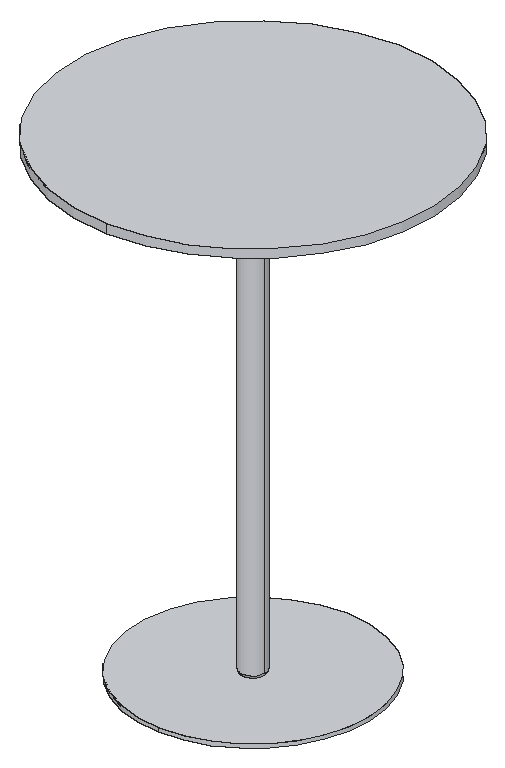
Revit family "TuckerTable40in", category Furniture, Revit 2016
Family settings
  Work Plane-Based = No
  Always vertical = Yes
  Cut with Voids When Loaded = No
  Shared = No
  Room Calculation Point = No
Parameters (values of type "Tucker Table 40 inch")
  Width = 0"
  URL = "http://www.poppin.com"
  Manufacturer = "Poppin, Inc."
  Length = 0"
  Height = 0"
  Base = none
  Table Top = none
  Description = "Tucker Table 40 inch"
  Copyright = "Copyright © Poppin, Inc."
Reference planes (in)
  plane 1 "Center (Front/Back)": y = 0
  plane 2: z = 0
  plane 3 "Center (Left/Right)": x = 0
Forms (in)
  Extrusion 1, solid, material <- "Base"
    sketch origin (0, -3.25656, 24.25197) x (0, 1, 0) y (-1, 0, 0)
      loop
        circle (10.00747, 3.89764) r 0.19685
      loop
        circle (3.25656, 7.79528) r 0.19685
      loop
        circle (-3.49434, 3.89764) r 0.19685
      loop
        circle (-3.49434, -3.89764) r 0.19685
      loop
        circle (3.25656, -7.79528) r 0.19685
      loop
        circle (10.00747, -3.89764) r 0.19685
    from -24.25197 to -24.09449
  Extrusion 2, solid, material <- "Base"
    sketch origin (0, -3.25656, 24.25197) x (0, 1, 0) y (-1, 0, 0)
      loop
        circle (3.25656, 0) r 9.64567
    from -24.09449 to -23.77953
  Revolve 3, solid, material <- "Base"
    sketch origin (0, 0, 26.33986) x (1, 0, 0) y (0, 0, -1)
      loop
        line (0, 25.86742) -> (0, -12.794) -> (2.5, -12.794) -> (2.5, -12.63652) -> (1.00139, -12.63652) -> (1.00139, 25.70349)
        arc (1.00139, 25.70349) -> (0.98174, 25.7921) -> (0.93111, 25.86742) r 0.24437
        line (0.93111, 25.86742) -> (0, 25.86742)
      axis (0, -12.794) -> (0, 25.86742)
    angle from 0 to 360
  Extrusion 4, solid, material <- "Base"
    sketch origin (0, -3.25656, 24.25197) x (0, 1, 0) y (-1, 0, 0)
      loop
        circle (10.26444, 7.24409) r 0.15748
      loop
        circle (10.26444, 0) r 0.15748
      loop
        circle (10.26444, -7.24409) r 0.15748
      loop
        circle (-3.75131, -7.24409) r 0.15748
      loop
        circle (-3.75131, 0) r 0.15748
      loop
        circle (-3.75131, 7.24409) r 0.15748
      loop
        line (10.93373, -7.67717) -> (10.93373, 7.67717) -> (-4.4206, 7.67717) -> (-4.4206, -7.67717) -> (10.93373, -7.67717)
    from 14.88189 to 15.03937
  Extrusion 5, solid, material <- "Table Top"
    sketch origin (0, -3.25656, 24.25197) x (0, 1, 0) y (-1, 0, 0)
      loop
        circle (3.25656, 0) r 15
    from 15.74803 to 15.03937
Dimensions and locks (in)
  aligned and locked: level to plane 2
